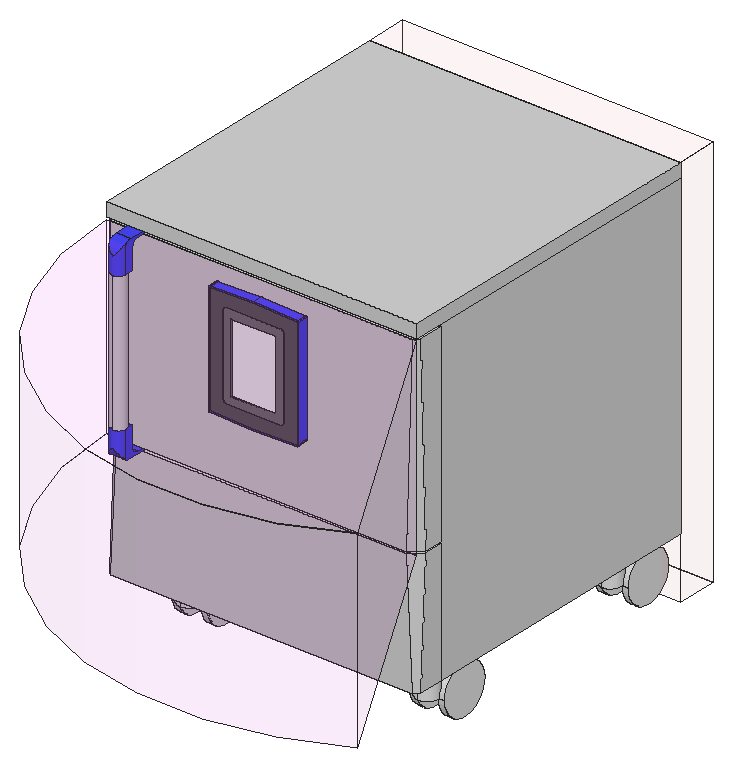
Revit family "Normann_PLUS_PLS5A-R290", category Attrezzature speciali, Revit 2021 (continued)
Definition of nested family "Griglia_Plus"
  Lines and regions (mm)
    model lines, detail levels medium+fine
      curve 331: line (120.936, -250.699, 0) -> (134.849, -258.731, 0)
      curve 332: line (120.936, -250.699, 0) -> (134.849, -242.666, 0)
      curve 333: line (134.849, -242.666, 0) -> (134.849, -258.731, 0)
      curve 334: line (152.781, -250.699, 0) -> (138.867, -258.731, 0)
      curve 335: line (152.781, -250.699, 0) -> (138.867, -242.666, 0)
      curve 336: line (138.867, -242.666, 0) -> (138.867, -258.731, 0)
      curve 337: line (154.797, -270.438, 0) -> (140.884, -262.405, 0)
      curve 338: line (154.797, -270.438, 0) -> (154.797, -254.373, 0)
      curve 339: line (154.797, -254.373, 0) -> (140.884, -262.405, 0)
      curve 340: line (118.953, -254.362, 0) -> (132.866, -262.395, 0)
      curve 341: line (118.953, -254.362, 0) -> (118.953, -270.428, 0)
      curve 342: line (118.953, -270.428, 0) -> (132.866, -262.395, 0)
      curve 343: line (120.936, -133.703, 0) -> (134.849, -125.67, 0)
      curve 344: line (120.936, -133.703, 0) -> (134.849, -141.736, 0)
      curve 345: line (134.849, -141.736, 0) -> (134.849, -125.67, 0)
      curve 346: line (152.781, -133.703, 0) -> (138.867, -125.67, 0)
      curve 347: line (152.781, -133.703, 0) -> (138.867, -141.736, 0)
      curve 348: line (138.867, -141.736, 0) -> (138.867, -125.67, 0)
      curve 349: line (120.936, -110.699, 0) -> (134.849, -118.731, 0)
      curve 350: line (120.936, -110.699, 0) -> (134.849, -102.666, 0)
      curve 351: line (134.849, -102.666, 0) -> (134.849, -118.731, 0)
      curve 352: line (152.781, -110.699, 0) -> (138.867, -118.731, 0)
      curve 353: line (152.781, -110.699, 0) -> (138.867, -102.666, 0)
      curve 354: line (138.867, -102.666, 0) -> (138.867, -118.731, 0)
      curve 355: line (154.797, -130.438, 0) -> (140.884, -122.405, 0)
      curve 356: line (154.797, -130.438, 0) -> (154.797, -114.373, 0)
      curve 357: line (154.797, -114.373, 0) -> (140.884, -122.405, 0)
      curve 358: line (118.953, -114.362, 0) -> (132.866, -122.395, 0)
      curve 359: line (118.953, -114.362, 0) -> (118.953, -130.428, 0)
      curve 360: line (118.953, -130.428, 0) -> (132.866, -122.395, 0)
      curve 361: line (154.797, -136.968, 0) -> (140.884, -145, 0)
      curve 362: line (154.797, -136.968, 0) -> (154.797, -153.033, 0)
      curve 363: line (154.797, -153.033, 0) -> (140.884, -145, 0)
      curve 364: line (118.953, -153.043, 0) -> (132.866, -145.011, 0)
      curve 365: line (118.953, -153.043, 0) -> (118.953, -136.978, 0)
      curve 366: line (118.953, -136.978, 0) -> (132.866, -145.011, 0)
      curve 367: line (120.936, -89.941, 0) -> (134.849, -81.909, 0)
      curve 368: line (120.936, -89.941, 0) -> (134.849, -97.974, 0)
      curve 369: line (134.849, -97.974, 0) -> (134.849, -81.909, 0)
      curve 370: line (152.781, -89.941, 0) -> (138.867, -81.909, 0)
      curve 371: line (152.781, -89.941, 0) -> (138.867, -97.974, 0)
      curve 372: line (138.867, -97.974, 0) -> (138.867, -81.909, 0)
      curve 373: line (120.936, -66.937, 0) -> (134.849, -74.97, 0)
      curve 374: line (120.936, -66.937, 0) -> (134.849, -58.904, 0)
      curve 375: line (134.849, -58.904, 0) -> (134.849, -74.97, 0)
      curve 376: line (152.781, -66.937, 0) -> (138.867, -74.97, 0)
      curve 377: line (152.781, -66.937, 0) -> (138.867, -58.904, 0)
      curve 378: line (138.867, -58.904, 0) -> (138.867, -74.97, 0)
      curve 379: line (154.797, -86.677, 0) -> (140.884, -78.644, 0)
      curve 380: line (154.797, -86.677, 0) -> (154.797, -70.611, 0)
      curve 381: line (154.797, -70.611, 0) -> (140.884, -78.644, 0)
      curve 382: line (118.953, -70.601, 0) -> (132.866, -78.633, 0)
      curve 383: line (118.953, -70.601, 0) -> (118.953, -86.666, 0)
      curve 384: line (118.953, -86.666, 0) -> (132.866, -78.633, 0)
      curve 385: line (154.797, -93.206, 0) -> (140.884, -101.239, 0)
      curve 386: line (154.797, -93.206, 0) -> (154.797, -109.272, 0)
      curve 387: line (154.797, -109.272, 0) -> (140.884, -101.239, 0)
      curve 388: line (118.953, -109.282, 0) -> (132.866, -101.249, 0)
      curve 389: line (118.953, -109.282, 0) -> (118.953, -93.217, 0)
      curve 390: line (118.953, -93.217, 0) -> (132.866, -101.249, 0)
      curve 391: line (120.936, -43.691, 0) -> (134.849, -35.659, 0)
      curve 392: line (120.936, -43.691, 0) -> (134.849, -51.724, 0)
      curve 393: line (134.849, -51.724, 0) -> (134.849, -35.659, 0)
      curve 394: line (152.781, -43.691, 0) -> (138.867, -35.659, 0)
      curve 395: line (152.781, -43.691, 0) -> (138.867, -51.724, 0)
      curve 396: line (138.867, -51.724, 0) -> (138.867, -35.659, 0)
      curve 397: line (120.936, -20.687, 0) -> (134.849, -28.72, 0)
      curve 398: line (120.936, -20.687, 0) -> (134.849, -12.654, 0)
      curve 399: line (134.849, -12.654, 0) -> (134.849, -28.72, 0)
      curve 400: line (152.781, -20.687, 0) -> (138.867, -28.72, 0)
      curve 401: line (152.781, -20.687, 0) -> (138.867, -12.654, 0)
      curve 402: line (138.867, -12.654, 0) -> (138.867, -28.72, 0)
      curve 403: line (154.797, -40.427, 0) -> (140.884, -32.394, 0)
      curve 404: line (154.797, -40.427, 0) -> (154.797, -24.361, 0)
      curve 405: line (154.797, -24.361, 0) -> (140.884, -32.394, 0)
      curve 406: line (118.953, -24.351, 0) -> (132.866, -32.383, 0)
      curve 407: line (118.953, -24.351, 0) -> (118.953, -40.416, 0)
      curve 408: line (118.953, -40.416, 0) -> (132.866, -32.383, 0)
      curve 409: line (154.797, -46.956, 0) -> (140.884, -54.989, 0)
      curve 410: line (154.797, -46.956, 0) -> (154.797, -63.022, 0)
      curve 411: line (154.797, -63.022, 0) -> (140.884, -54.989, 0)
      curve 412: line (118.953, -63.032, 0) -> (132.866, -54.999, 0)
      curve 413: line (118.953, -63.032, 0) -> (118.953, -46.967, 0)
      curve 414: line (118.953, -46.967, 0) -> (132.866, -54.999, 0)
      curve 415: line (160.936, -180.917, 0) -> (174.849, -172.885, 0)
      curve 416: line (160.936, -180.917, 0) -> (174.849, -188.95, 0)
      curve 417: line (174.849, -188.95, 0) -> (174.849, -172.885, 0)
      curve 418: line (192.781, -180.917, 0) -> (178.867, -172.885, 0)
      curve 419: line (192.781, -180.917, 0) -> (178.867, -188.95, 0)
      curve 420: line (178.867, -188.95, 0) -> (178.867, -172.885, 0)
      curve 421: line (160.936, -157.913, 0) -> (174.849, -165.946, 0)
      curve 422: line (160.936, -157.913, 0) -> (174.849, -149.88, 0)
      curve 423: line (174.849, -149.88, 0) -> (174.849, -165.946, 0)
      curve 424: line (192.781, -157.913, 0) -> (178.867, -165.946, 0)
      curve 425: line (192.781, -157.913, 0) -> (178.867, -149.88, 0)
      curve 426: line (178.867, -149.88, 0) -> (178.867, -165.946, 0)
      curve 427: line (194.797, -177.653, 0) -> (180.884, -169.62, 0)
      curve 428: line (194.797, -177.653, 0) -> (194.797, -161.587, 0)
      curve 429: line (194.797, -161.587, 0) -> (180.884, -169.62, 0)
      curve 430: line (158.953, -161.577, 0) -> (172.866, -169.609, 0)
      curve 431: line (158.953, -161.577, 0) -> (158.953, -177.642, 0)
      curve 432: line (158.953, -177.642, 0) -> (172.866, -169.609, 0)
      curve 433: line (194.797, -184.182, 0) -> (180.884, -192.215, 0)
      curve 434: line (194.797, -184.182, 0) -> (194.797, -200.248, 0)
      curve 435: line (194.797, -200.248, 0) -> (180.884, -192.215, 0)
      curve 436: line (158.953, -200.258, 0) -> (172.866, -192.225, 0)
      curve 437: line (158.953, -200.258, 0) -> (158.953, -184.192, 0)
      curve 438: line (158.953, -184.192, 0) -> (172.866, -192.225, 0)
      curve 439: line (160.936, -227.884, 0) -> (174.849, -219.851, 0)
      curve 440: line (160.936, -227.884, 0) -> (174.849, -235.917, 0)
      curve 441: line (174.849, -235.917, 0) -> (174.849, -219.851, 0)
      curve 442: line (192.781, -227.884, 0) -> (178.867, -219.851, 0)
      curve 443: line (192.781, -227.884, 0) -> (178.867, -235.917, 0)
      curve 444: line (178.867, -235.917, 0) -> (178.867, -219.851, 0)
      curve 445: line (160.936, -204.88, 0) -> (174.849, -212.912, 0)
      curve 446: line (160.936, -204.88, 0) -> (174.849, -196.847, 0)
      curve 447: line (174.849, -196.847, 0) -> (174.849, -212.912, 0)
      curve 448: line (192.781, -204.88, 0) -> (178.867, -212.912, 0)
      curve 449: line (192.781, -204.88, 0) -> (178.867, -196.847, 0)
      curve 450: line (178.867, -196.847, 0) -> (178.867, -212.912, 0)
      curve 451: line (194.797, -224.619, 0) -> (180.884, -216.587, 0)
      curve 452: line (194.797, -224.619, 0) -> (194.797, -208.554, 0)
      curve 453: line (194.797, -208.554, 0) -> (180.884, -216.587, 0)
      curve 454: line (158.953, -208.543, 0) -> (172.866, -216.576, 0)
      curve 455: line (158.953, -208.543, 0) -> (158.953, -224.609, 0)
      curve 456: line (158.953, -224.609, 0) -> (172.866, -216.576, 0)
      curve 457: line (194.797, -231.149, 0) -> (180.884, -239.181, 0)
      curve 458: line (194.797, -231.149, 0) -> (194.797, -247.214, 0)
      curve 459: line (194.797, -247.214, 0) -> (180.884, -239.181, 0)
      curve 460: line (158.953, -247.225, 0) -> (172.866, -239.192, 0)
      curve 461: line (158.953, -247.225, 0) -> (158.953, -231.159, 0)
      curve 462: line (158.953, -231.159, 0) -> (172.866, -239.192, 0)
      curve 463: line (160.936, -273.703, 0) -> (174.849, -265.67, 0)
      curve 464: line (160.936, -273.703, 0) -> (174.849, -281.736, 0)
      curve 465: line (174.849, -281.736, 0) -> (174.849, -265.67, 0)
      curve 466: line (192.781, -273.703, 0) -> (178.867, -265.67, 0)
      curve 467: line (192.781, -273.703, 0) -> (178.867, -281.736, 0)
      curve 468: line (178.867, -281.736, 0) -> (178.867, -265.67, 0)
      curve 469: line (160.936, -250.699, 0) -> (174.849, -258.731, 0)
      curve 470: line (160.936, -250.699, 0) -> (174.849, -242.666, 0)
      curve 471: line (174.849, -242.666, 0) -> (174.849, -258.731, 0)
      curve 472: line (192.781, -250.699, 0) -> (178.867, -258.731, 0)
      curve 473: line (192.781, -250.699, 0) -> (178.867, -242.666, 0)
      curve 474: line (178.867, -242.666, 0) -> (178.867, -258.731, 0)
      curve 475: line (194.797, -270.438, 0) -> (180.884, -262.405, 0)
      curve 476: line (194.797, -270.438, 0) -> (194.797, -254.373, 0)
      curve 477: line (194.797, -254.373, 0) -> (180.884, -262.405, 0)
      curve 478: line (158.953, -254.362, 0) -> (172.866, -262.395, 0)
      curve 479: line (158.953, -254.362, 0) -> (158.953, -270.428, 0)
      curve 480: line (158.953, -270.428, 0) -> (172.866, -262.395, 0)
      curve 481: line (160.936, -133.703, 0) -> (174.849, -125.67, 0)
      curve 482: line (160.936, -133.703, 0) -> (174.849, -141.736, 0)
      curve 483: line (174.849, -141.736, 0) -> (174.849, -125.67, 0)
      curve 484: line (192.781, -133.703, 0) -> (178.867, -125.67, 0)
      curve 485: line (192.781, -133.703, 0) -> (178.867, -141.736, 0)
      curve 486: line (178.867, -141.736, 0) -> (178.867, -125.67, 0)
      curve 487: line (160.936, -110.699, 0) -> (174.849, -118.731, 0)
      curve 488: line (160.936, -110.699, 0) -> (174.849, -102.666, 0)
      curve 489: line (174.849, -102.666, 0) -> (174.849, -118.731, 0)
      curve 490: line (192.781, -110.699, 0) -> (178.867, -118.731, 0)
      curve 491: line (192.781, -110.699, 0) -> (178.867, -102.666, 0)
      curve 492: line (178.867, -102.666, 0) -> (178.867, -118.731, 0)
      curve 493: line (194.797, -130.438, 0) -> (180.884, -122.405, 0)
      curve 494: line (194.797, -130.438, 0) -> (194.797, -114.373, 0)
      curve 495: line (194.797, -114.373, 0) -> (180.884, -122.405, 0)
      curve 496: line (158.953, -114.362, 0) -> (172.866, -122.395, 0)
      curve 497: line (158.953, -114.362, 0) -> (158.953, -130.428, 0)
      curve 498: line (158.953, -130.428, 0) -> (172.866, -122.395, 0)
      curve 499: line (194.797, -136.968, 0) -> (180.884, -145, 0)
      curve 500: line (194.797, -136.968, 0) -> (194.797, -153.033, 0)
      curve 501: line (194.797, -153.033, 0) -> (180.884, -145, 0)
      curve 502: line (158.953, -153.043, 0) -> (172.866, -145.011, 0)
      curve 503: line (158.953, -153.043, 0) -> (158.953, -136.978, 0)
      curve 504: line (158.953, -136.978, 0) -> (172.866, -145.011, 0)
      curve 505: line (160.936, -89.941, 0) -> (174.849, -81.909, 0)
      curve 506: line (160.936, -89.941, 0) -> (174.849, -97.974, 0)
      curve 507: line (174.849, -97.974, 0) -> (174.849, -81.909, 0)
      curve 508: line (192.781, -89.941, 0) -> (178.867, -81.909, 0)
      curve 509: line (192.781, -89.941, 0) -> (178.867, -97.974, 0)
      curve 510: line (178.867, -97.974, 0) -> (178.867, -81.909, 0)
      curve 511: line (160.936, -66.937, 0) -> (174.849, -74.97, 0)
      curve 512: line (160.936, -66.937, 0) -> (174.849, -58.904, 0)
      curve 513: line (174.849, -58.904, 0) -> (174.849, -74.97, 0)
      curve 514: line (192.781, -66.937, 0) -> (178.867, -74.97, 0)
      curve 515: line (192.781, -66.937, 0) -> (178.867, -58.904, 0)
      curve 516: line (178.867, -58.904, 0) -> (178.867, -74.97, 0)
      curve 517: line (194.797, -86.677, 0) -> (180.884, -78.644, 0)
      curve 518: line (194.797, -86.677, 0) -> (194.797, -70.611, 0)
      curve 519: line (194.797, -70.611, 0) -> (180.884, -78.644, 0)
      curve 520: line (158.953, -70.601, 0) -> (172.866, -78.633, 0)
      curve 521: line (158.953, -70.601, 0) -> (158.953, -86.666, 0)
      curve 522: line (158.953, -86.666, 0) -> (172.866, -78.633, 0)
      curve 523: line (194.797, -93.206, 0) -> (180.884, -101.239, 0)
      curve 524: line (194.797, -93.206, 0) -> (194.797, -109.272, 0)
      curve 525: line (194.797, -109.272, 0) -> (180.884, -101.239, 0)
      curve 526: line (158.953, -109.282, 0) -> (172.866, -101.249, 0)
      curve 527: line (158.953, -109.282, 0) -> (158.953, -93.217, 0)
      curve 528: line (158.953, -93.217, 0) -> (172.866, -101.249, 0)
      curve 529: line (160.936, -43.691, 0) -> (174.849, -35.659, 0)
      curve 530: line (160.936, -43.691, 0) -> (174.849, -51.724, 0)
      curve 531: line (174.849, -51.724, 0) -> (174.849, -35.659, 0)
      curve 532: line (192.781, -43.691, 0) -> (178.867, -35.659, 0)
      curve 533: line (192.781, -43.691, 0) -> (178.867, -51.724, 0)
      curve 534: line (178.867, -51.724, 0) -> (178.867, -35.659, 0)
      curve 535: line (160.936, -20.687, 0) -> (174.849, -28.72, 0)
      curve 536: line (160.936, -20.687, 0) -> (174.849, -12.654, 0)
      curve 537: line (174.849, -12.654, 0) -> (174.849, -28.72, 0)
      curve 538: line (192.781, -20.687, 0) -> (178.867, -28.72, 0)
      curve 539: line (192.781, -20.687, 0) -> (178.867, -12.654, 0)
      curve 540: line (178.867, -12.654, 0) -> (178.867, -28.72, 0)
      curve 541: line (194.797, -40.427, 0) -> (180.884, -32.394, 0)
      curve 542: line (194.797, -40.427, 0) -> (194.797, -24.361, 0)
      curve 543: line (194.797, -24.361, 0) -> (180.884, -32.394, 0)
      curve 544: line (158.953, -24.351, 0) -> (172.866, -32.383, 0)
      curve 545: line (158.953, -24.351, 0) -> (158.953, -40.416, 0)
      curve 546: line (158.953, -40.416, 0) -> (172.866, -32.383, 0)
      curve 547: line (194.797, -46.956, 0) -> (180.884, -54.989, 0)
      curve 548: line (194.797, -46.956, 0) -> (194.797, -63.022, 0)
      curve 549: line (194.797, -63.022, 0) -> (180.884, -54.989, 0)
      curve 550: line (158.953, -63.032, 0) -> (172.866, -54.999, 0)
      curve 551: line (158.953, -63.032, 0) -> (158.953, -46.967, 0)
      curve 552: line (158.953, -46.967, 0) -> (172.866, -54.999, 0)
      curve 553: line (200.936, -180.917, 0) -> (214.849, -172.885, 0)
      curve 554: line (200.936, -180.917, 0) -> (214.849, -188.95, 0)
      curve 555: line (214.849, -188.95, 0) -> (214.849, -172.885, 0)
      curve 556: line (232.781, -180.917, 0) -> (218.867, -172.885, 0)
      curve 557: line (232.781, -180.917, 0) -> (218.867, -188.95, 0)
      curve 558: line (218.867, -188.95, 0) -> (218.867, -172.885, 0)
      curve 559: line (200.936, -157.913, 0) -> (214.849, -165.946, 0)
      curve 560: line (200.936, -157.913, 0) -> (214.849, -149.88, 0)
      curve 561: line (214.849, -149.88, 0) -> (214.849, -165.946, 0)
      curve 562: line (232.781, -157.913, 0) -> (218.867, -165.946, 0)
      curve 563: line (232.781, -157.913, 0) -> (218.867, -149.88, 0)
      curve 564: line (218.867, -149.88, 0) -> (218.867, -165.946, 0)
      curve 565: line (234.797, -177.653, 0) -> (220.884, -169.62, 0)
      curve 566: line (234.797, -177.653, 0) -> (234.797, -161.587, 0)
      curve 567: line (234.797, -161.587, 0) -> (220.884, -169.62, 0)
      curve 568: line (198.953, -161.577, 0) -> (212.866, -169.609, 0)
      curve 569: line (198.953, -161.577, 0) -> (198.953, -177.642, 0)
      curve 570: line (198.953, -177.642, 0) -> (212.866, -169.609, 0)
      curve 571: line (234.797, -184.182, 0) -> (220.884, -192.215, 0)
      curve 572: line (234.797, -184.182, 0) -> (234.797, -200.248, 0)
      curve 573: line (234.797, -200.248, 0) -> (220.884, -192.215, 0)
      curve 574: line (198.953, -200.258, 0) -> (212.866, -192.225, 0)
      curve 575: line (198.953, -200.258, 0) -> (198.953, -184.192, 0)
      curve 576: line (198.953, -184.192, 0) -> (212.866, -192.225, 0)
      curve 577: line (200.936, -227.884, 0) -> (214.849, -219.851, 0)
      curve 578: line (200.936, -227.884, 0) -> (214.849, -235.917, 0)
      curve 579: line (214.849, -235.917, 0) -> (214.849, -219.851, 0)
      curve 580: line (232.781, -227.884, 0) -> (218.867, -219.851, 0)
      curve 581: line (232.781, -227.884, 0) -> (218.867, -235.917, 0)
      curve 582: line (218.867, -235.917, 0) -> (218.867, -219.851, 0)
      curve 583: line (200.936, -204.88, 0) -> (214.849, -212.912, 0)
      curve 584: line (200.936, -204.88, 0) -> (214.849, -196.847, 0)
      curve 585: line (214.849, -196.847, 0) -> (214.849, -212.912, 0)
      curve 586: line (232.781, -204.88, 0) -> (218.867, -212.912, 0)
      curve 587: line (232.781, -204.88, 0) -> (218.867, -196.847, 0)
      curve 588: line (218.867, -196.847, 0) -> (218.867, -212.912, 0)
      curve 589: line (234.797, -224.619, 0) -> (220.884, -216.587, 0)
      curve 590: line (234.797, -224.619, 0) -> (234.797, -208.554, 0)
      curve 591: line (234.797, -208.554, 0) -> (220.884, -216.587, 0)
      curve 592: line (198.953, -208.543, 0) -> (212.866, -216.576, 0)
      curve 593: line (198.953, -208.543, 0) -> (198.953, -224.609, 0)
      curve 594: line (198.953, -224.609, 0) -> (212.866, -216.576, 0)
      curve 595: line (234.797, -231.149, 0) -> (220.884, -239.181, 0)
      curve 596: line (234.797, -231.149, 0) -> (234.797, -247.214, 0)
      curve 597: line (234.797, -247.214, 0) -> (220.884, -239.181, 0)
      curve 598: line (198.953, -247.225, 0) -> (212.866, -239.192, 0)
      curve 599: line (198.953, -247.225, 0) -> (198.953, -231.159, 0)
      curve 600: line (198.953, -231.159, 0) -> (212.866, -239.192, 0)
      curve 601: line (200.936, -273.703, 0) -> (214.849, -265.67, 0)
      curve 602: line (200.936, -273.703, 0) -> (214.849, -281.736, 0)
      curve 603: line (214.849, -281.736, 0) -> (214.849, -265.67, 0)
      curve 604: line (232.781, -273.703, 0) -> (218.867, -265.67, 0)
      curve 605: line (232.781, -273.703, 0) -> (218.867, -281.736, 0)
      curve 606: line (218.867, -281.736, 0) -> (218.867, -265.67, 0)
      curve 607: line (200.936, -250.699, 0) -> (214.849, -258.731, 0)
      curve 608: line (200.936, -250.699, 0) -> (214.849, -242.666, 0)
      curve 609: line (214.849, -242.666, 0) -> (214.849, -258.731, 0)
      curve 610: line (232.781, -250.699, 0) -> (218.867, -258.731, 0)
      curve 611: line (232.781, -250.699, 0) -> (218.867, -242.666, 0)
      curve 612: line (218.867, -242.666, 0) -> (218.867, -258.731, 0)
      curve 613: line (234.797, -270.438, 0) -> (220.884, -262.405, 0)
      curve 614: line (234.797, -270.438, 0) -> (234.797, -254.373, 0)
      curve 615: line (234.797, -254.373, 0) -> (220.884, -262.405, 0)
      curve 616: line (198.953, -254.362, 0) -> (212.866, -262.395, 0)
      curve 617: line (198.953, -254.362, 0) -> (198.953, -270.428, 0)
      curve 618: line (198.953, -270.428, 0) -> (212.866, -262.395, 0)
      curve 619: line (200.936, -133.703, 0) -> (214.849, -125.67, 0)
      curve 620: line (200.936, -133.703, 0) -> (214.849, -141.736, 0)
      curve 621: line (214.849, -141.736, 0) -> (214.849, -125.67, 0)
      curve 622: line (232.781, -133.703, 0) -> (218.867, -125.67, 0)
      curve 623: line (232.781, -133.703, 0) -> (218.867, -141.736, 0)
      curve 624: line (218.867, -141.736, 0) -> (218.867, -125.67, 0)
      curve 625: line (200.936, -110.699, 0) -> (214.849, -118.731, 0)
      curve 626: line (200.936, -110.699, 0) -> (214.849, -102.666, 0)
      curve 627: line (214.849, -102.666, 0) -> (214.849, -118.731, 0)
      curve 628: line (232.781, -110.699, 0) -> (218.867, -118.731, 0)
      curve 629: line (232.781, -110.699, 0) -> (218.867, -102.666, 0)
      curve 630: line (218.867, -102.666, 0) -> (218.867, -118.731, 0)
      curve 631: line (234.797, -130.438, 0) -> (220.884, -122.405, 0)
      curve 632: line (234.797, -130.438, 0) -> (234.797, -114.373, 0)
      curve 633: line (234.797, -114.373, 0) -> (220.884, -122.405, 0)
      curve 634: line (198.953, -114.362, 0) -> (212.866, -122.395, 0)
      curve 635: line (198.953, -114.362, 0) -> (198.953, -130.428, 0)
      curve 636: line (198.953, -130.428, 0) -> (212.866, -122.395, 0)
      curve 637: line (234.797, -136.968, 0) -> (220.884, -145, 0)
      curve 638: line (234.797, -136.968, 0) -> (234.797, -153.033, 0)
      curve 639: line (234.797, -153.033, 0) -> (220.884, -145, 0)
      curve 640: line (198.953, -153.043, 0) -> (212.866, -145.011, 0)
      curve 641: line (198.953, -153.043, 0) -> (198.953, -136.978, 0)
      curve 642: line (198.953, -136.978, 0) -> (212.866, -145.011, 0)
      curve 643: line (200.936, -89.941, 0) -> (214.849, -81.909, 0)
      curve 644: line (200.936, -89.941, 0) -> (214.849, -97.974, 0)
      curve 645: line (214.849, -97.974, 0) -> (214.849, -81.909, 0)
      curve 646: line (232.781, -89.941, 0) -> (218.867, -81.909, 0)
      curve 647: line (232.781, -89.941, 0) -> (218.867, -97.974, 0)
      curve 648: line (218.867, -97.974, 0) -> (218.867, -81.909, 0)
      curve 649: line (200.936, -66.937, 0) -> (214.849, -74.97, 0)
      curve 650: line (200.936, -66.937, 0) -> (214.849, -58.904, 0)
      curve 651: line (214.849, -58.904, 0) -> (214.849, -74.97, 0)
      curve 652: line (232.781, -66.937, 0) -> (218.867, -74.97, 0)
      curve 653: line (232.781, -66.937, 0) -> (218.867, -58.904, 0)
      curve 654: line (218.867, -58.904, 0) -> (218.867, -74.97, 0)
      curve 655: line (234.797, -86.677, 0) -> (220.884, -78.644, 0)
      curve 656: line (234.797, -86.677, 0) -> (234.797, -70.611, 0)
      curve 657: line (234.797, -70.611, 0) -> (220.884, -78.644, 0)
      curve 658: line (198.953, -70.601, 0) -> (212.866, -78.633, 0)
      curve 659: line (198.953, -70.601, 0) -> (198.953, -86.666, 0)
      curve 660: line (198.953, -86.666, 0) -> (212.866, -78.633, 0)
      curve 661: line (234.797, -93.206, 0) -> (220.884, -101.239, 0)
      curve 662: line (234.797, -93.206, 0) -> (234.797, -109.272, 0)
      curve 663: line (234.797, -109.272, 0) -> (220.884, -101.239, 0)
      curve 664: line (198.953, -109.282, 0) -> (212.866, -101.249, 0)
      curve 665: line (198.953, -109.282, 0) -> (198.953, -93.217, 0)
      curve 666: line (198.953, -93.217, 0) -> (212.866, -101.249, 0)
      curve 667: line (200.936, -43.691, 0) -> (214.849, -35.659, 0)
      curve 668: line (200.936, -43.691, 0) -> (214.849, -51.724, 0)
      curve 669: line (214.849, -51.724, 0) -> (214.849, -35.659, 0)
      curve 670: line (232.781, -43.691, 0) -> (218.867, -35.659, 0)
      curve 671: line (232.781, -43.691, 0) -> (218.867, -51.724, 0)
      curve 672: line (218.867, -51.724, 0) -> (218.867, -35.659, 0)
      curve 673: line (200.936, -20.687, 0) -> (214.849, -28.72, 0)
      curve 674: line (200.936, -20.687, 0) -> (214.849, -12.654, 0)
      curve 675: line (214.849, -12.654, 0) -> (214.849, -28.72, 0)
      curve 676: line (232.781, -20.687, 0) -> (218.867, -28.72, 0)
      curve 677: line (232.781, -20.687, 0) -> (218.867, -12.654, 0)
      curve 678: line (218.867, -12.654, 0) -> (218.867, -28.72, 0)
      curve 679: line (234.797, -40.427, 0) -> (220.884, -32.394, 0)
      curve 680: line (234.797, -40.427, 0) -> (234.797, -24.361, 0)
      curve 681: line (234.797, -24.361, 0) -> (220.884, -32.394, 0)
      curve 682: line (198.953, -24.351, 0) -> (212.866, -32.383, 0)
      curve 683: line (198.953, -24.351, 0) -> (198.953, -40.416, 0)
      curve 684: line (198.953, -40.416, 0) -> (212.866, -32.383, 0)
      curve 685: line (234.797, -46.956, 0) -> (220.884, -54.989, 0)
      curve 686: line (234.797, -46.956, 0) -> (234.797, -63.022, 0)
      curve 687: line (234.797, -63.022, 0) -> (220.884, -54.989, 0)
      curve 688: line (198.953, -63.032, 0) -> (212.866, -54.999, 0)
      curve 689: line (198.953, -63.032, 0) -> (198.953, -46.967, 0)
      curve 690: line (198.953, -46.967, 0) -> (212.866, -54.999, 0)
      curve 691: line (240.936, -180.917, 0) -> (254.849, -172.885, 0)
      curve 692: line (240.936, -180.917, 0) -> (254.849, -188.95, 0)
      curve 693: line (254.849, -188.95, 0) -> (254.849, -172.885, 0)
      curve 694: line (272.781, -180.917, 0) -> (258.867, -172.885, 0)
      curve 695: line (272.781, -180.917, 0) -> (258.867, -188.95, 0)
      curve 696: line (258.867, -188.95, 0) -> (258.867, -172.885, 0)
      curve 697: line (240.936, -157.913, 0) -> (254.849, -165.946, 0)
      curve 698: line (240.936, -157.913, 0) -> (254.849, -149.88, 0)
      curve 699: line (254.849, -149.88, 0) -> (254.849, -165.946, 0)
      curve 700: line (272.781, -157.913, 0) -> (258.867, -165.946, 0)
      curve 701: line (272.781, -157.913, 0) -> (258.867, -149.88, 0)
      curve 702: line (258.867, -149.88, 0) -> (258.867, -165.946, 0)
      curve 703: line (274.797, -177.653, 0) -> (260.884, -169.62, 0)
      curve 704: line (274.797, -177.653, 0) -> (274.797, -161.587, 0)
      curve 705: line (274.797, -161.587, 0) -> (260.884, -169.62, 0)
      curve 706: line (238.953, -161.577, 0) -> (252.866, -169.609, 0)
      curve 707: line (238.953, -161.577, 0) -> (238.953, -177.642, 0)
      curve 708: line (238.953, -177.642, 0) -> (252.866, -169.609, 0)
      curve 709: line (274.797, -184.182, 0) -> (260.884, -192.215, 0)
      curve 710: line (274.797, -184.182, 0) -> (274.797, -200.248, 0)
      curve 711: line (274.797, -200.248, 0) -> (260.884, -192.215, 0)
      curve 712: line (238.953, -200.258, 0) -> (252.866, -192.225, 0)
      curve 713: line (238.953, -200.258, 0) -> (238.953, -184.192, 0)
      curve 714: line (238.953, -184.192, 0) -> (252.866, -192.225, 0)
      curve 715: line (240.936, -227.884, 0) -> (254.849, -219.851, 0)
      curve 716: line (240.936, -227.884, 0) -> (254.849, -235.917, 0)
      curve 717: line (254.849, -235.917, 0) -> (254.849, -219.851, 0)
      curve 718: line (272.781, -227.884, 0) -> (258.867, -219.851, 0)
      curve 719: line (272.781, -227.884, 0) -> (258.867, -235.917, 0)
      curve 720: line (258.867, -235.917, 0) -> (258.867, -219.851, 0)
      curve 721: line (240.936, -204.88, 0) -> (254.849, -212.912, 0)
      curve 722: line (240.936, -204.88, 0) -> (254.849, -196.847, 0)
      curve 723: line (254.849, -196.847, 0) -> (254.849, -212.912, 0)
      curve 724: line (272.781, -204.88, 0) -> (258.867, -212.912, 0)
      curve 725: line (272.781, -204.88, 0) -> (258.867, -196.847, 0)
      curve 726: line (258.867, -196.847, 0) -> (258.867, -212.912, 0)
      curve 727: line (274.797, -224.619, 0) -> (260.884, -216.587, 0)
      curve 728: line (274.797, -224.619, 0) -> (274.797, -208.554, 0)
      curve 729: line (274.797, -208.554, 0) -> (260.884, -216.587, 0)
      curve 730: line (238.953, -208.543, 0) -> (252.866, -216.576, 0)
      curve 731: line (238.953, -208.543, 0) -> (238.953, -224.609, 0)
      curve 732: line (238.953, -224.609, 0) -> (252.866, -216.576, 0)
      curve 733: line (274.797, -231.149, 0) -> (260.884, -239.181, 0)
      curve 734: line (274.797, -231.149, 0) -> (274.797, -247.214, 0)
      curve 735: line (274.797, -247.214, 0) -> (260.884, -239.181, 0)
      curve 736: line (238.953, -247.225, 0) -> (252.866, -239.192, 0)
      curve 737: line (238.953, -247.225, 0) -> (238.953, -231.159, 0)
      curve 738: line (238.953, -231.159, 0) -> (252.866, -239.192, 0)
      curve 739: line (240.936, -273.703, 0) -> (254.849, -265.67, 0)
      curve 740: line (240.936, -273.703, 0) -> (254.849, -281.736, 0)
      curve 741: line (254.849, -281.736, 0) -> (254.849, -265.67, 0)
      curve 742: line (272.781, -273.703, 0) -> (258.867, -265.67, 0)
      curve 743: line (272.781, -273.703, 0) -> (258.867, -281.736, 0)
      curve 744: line (258.867, -281.736, 0) -> (258.867, -265.67, 0)
      curve 745: line (240.936, -250.699, 0) -> (254.849, -258.731, 0)
      curve 746: line (240.936, -250.699, 0) -> (254.849, -242.666, 0)
      curve 747: line (254.849, -242.666, 0) -> (254.849, -258.731, 0)
      curve 748: line (272.781, -250.699, 0) -> (258.867, -258.731, 0)
      curve 749: line (272.781, -250.699, 0) -> (258.867, -242.666, 0)
      curve 750: line (258.867, -242.666, 0) -> (258.867, -258.731, 0)
      curve 751: line (274.797, -270.438, 0) -> (260.884, -262.405, 0)
      curve 752: line (274.797, -270.438, 0) -> (274.797, -254.373, 0)
      curve 753: line (274.797, -254.373, 0) -> (260.884, -262.405, 0)
      curve 754: line (238.953, -254.362, 0) -> (252.866, -262.395, 0)
      curve 755: line (238.953, -254.362, 0) -> (238.953, -270.428, 0)
      curve 756: line (238.953, -270.428, 0) -> (252.866, -262.395, 0)
      curve 757: line (240.936, -133.703, 0) -> (254.849, -125.67, 0)
      curve 758: line (240.936, -133.703, 0) -> (254.849, -141.736, 0)
      curve 759: line (254.849, -141.736, 0) -> (254.849, -125.67, 0)
      curve 760: line (272.781, -133.703, 0) -> (258.867, -125.67, 0)
      curve 761: line (272.781, -133.703, 0) -> (258.867, -141.736, 0)
      curve 762: line (258.867, -141.736, 0) -> (258.867, -125.67, 0)
      curve 763: line (240.936, -110.699, 0) -> (254.849, -118.731, 0)
      curve 764: line (240.936, -110.699, 0) -> (254.849, -102.666, 0)
      curve 765: line (254.849, -102.666, 0) -> (254.849, -118.731, 0)
      curve 766: line (272.781, -110.699, 0) -> (258.867, -118.731, 0)
      curve 767: line (272.781, -110.699, 0) -> (258.867, -102.666, 0)
      curve 768: line (258.867, -102.666, 0) -> (258.867, -118.731, 0)
      curve 769: line (274.797, -130.438, 0) -> (260.884, -122.405, 0)
      curve 770: line (274.797, -130.438, 0) -> (274.797, -114.373, 0)
      curve 771: line (274.797, -114.373, 0) -> (260.884, -122.405, 0)
      curve 772: line (238.953, -114.362, 0) -> (252.866, -122.395, 0)
      curve 773: line (238.953, -114.362, 0) -> (238.953, -130.428, 0)
      curve 774: line (238.953, -130.428, 0) -> (252.866, -122.395, 0)
      curve 775: line (274.797, -136.968, 0) -> (260.884, -145, 0)
      curve 776: line (274.797, -136.968, 0) -> (274.797, -153.033, 0)
      curve 777: line (274.797, -153.033, 0) -> (260.884, -145, 0)
      curve 778: line (238.953, -153.043, 0) -> (252.866, -145.011, 0)
      curve 779: line (238.953, -153.043, 0) -> (238.953, -136.978, 0)
      curve 780: line (238.953, -136.978, 0) -> (252.866, -145.011, 0)
      curve 781: line (240.936, -89.941, 0) -> (254.849, -81.909, 0)
      curve 782: line (240.936, -89.941, 0) -> (254.849, -97.974, 0)
      curve 783: line (254.849, -97.974, 0) -> (254.849, -81.909, 0)
      curve 784: line (272.781, -89.941, 0) -> (258.867, -81.909, 0)
      curve 785: line (272.781, -89.941, 0) -> (258.867, -97.974, 0)
      curve 786: line (258.867, -97.974, 0) -> (258.867, -81.909, 0)
      curve 787: line (240.936, -66.937, 0) -> (254.849, -74.97, 0)
      curve 788: line (240.936, -66.937, 0) -> (254.849, -58.904, 0)
      curve 789: line (254.849, -58.904, 0) -> (254.849, -74.97, 0)
      curve 790: line (272.781, -66.937, 0) -> (258.867, -74.97, 0)
      curve 791: line (272.781, -66.937, 0) -> (258.867, -58.904, 0)
      curve 792: line (258.867, -58.904, 0) -> (258.867, -74.97, 0)
      curve 793: line (274.797, -86.677, 0) -> (260.884, -78.644, 0)
      curve 794: line (274.797, -86.677, 0) -> (274.797, -70.611, 0)
      curve 795: line (274.797, -70.611, 0) -> (260.884, -78.644, 0)
      curve 796: line (238.953, -70.601, 0) -> (252.866, -78.633, 0)
      curve 797: line (238.953, -70.601, 0) -> (238.953, -86.666, 0)
      curve 798: line (238.953, -86.666, 0) -> (252.866, -78.633, 0)
      curve 799: line (274.797, -93.206, 0) -> (260.884, -101.239, 0)
      curve 800: line (274.797, -93.206, 0) -> (274.797, -109.272, 0)
      curve 801: line (274.797, -109.272, 0) -> (260.884, -101.239, 0)
      curve 802: line (238.953, -109.282, 0) -> (252.866, -101.249, 0)
      curve 803: line (238.953, -109.282, 0) -> (238.953, -93.217, 0)
      curve 804: line (238.953, -93.217, 0) -> (252.866, -101.249, 0)
      curve 805: line (240.936, -43.691, 0) -> (254.849, -35.659, 0)
      curve 806: line (240.936, -43.691, 0) -> (254.849, -51.724, 0)
      curve 807: line (254.849, -51.724, 0) -> (254.849, -35.659, 0)
      curve 808: line (272.781, -43.691, 0) -> (258.867, -35.659, 0)
      curve 809: line (272.781, -43.691, 0) -> (258.867, -51.724, 0)
      curve 810: line (258.867, -51.724, 0) -> (258.867, -35.659, 0)
      curve 811: line (240.936, -20.687, 0) -> (254.849, -28.72, 0)
      curve 812: line (240.936, -20.687, 0) -> (254.849, -12.654, 0)
      curve 813: line (254.849, -12.654, 0) -> (254.849, -28.72, 0)
      curve 814: line (272.781, -20.687, 0) -> (258.867, -28.72, 0)
      curve 815: line (272.781, -20.687, 0) -> (258.867, -12.654, 0)
      curve 816: line (258.867, -12.654, 0) -> (258.867, -28.72, 0)
      curve 817: line (274.797, -40.427, 0) -> (260.884, -32.394, 0)
      curve 818: line (274.797, -40.427, 0) -> (274.797, -24.361, 0)
      curve 819: line (274.797, -24.361, 0) -> (260.884, -32.394, 0)
      curve 820: line (238.953, -24.351, 0) -> (252.866, -32.383, 0)
      curve 821: line (238.953, -24.351, 0) -> (238.953, -40.416, 0)
      curve 822: line (238.953, -40.416, 0) -> (252.866, -32.383, 0)
      curve 823: line (274.797, -46.956, 0) -> (260.884, -54.989, 0)
      curve 824: line (274.797, -46.956, 0) -> (274.797, -63.022, 0)
      curve 825: line (274.797, -63.022, 0) -> (260.884, -54.989, 0)
      curve 826: line (238.953, -63.032, 0) -> (252.866, -54.999, 0)
      curve 827: line (238.953, -63.032, 0) -> (238.953, -46.967, 0)
      curve 828: line (238.953, -46.967, 0) -> (252.866, -54.999, 0)
      curve 829: line (280.936, -180.917, 0) -> (294.849, -172.885, 0)
      curve 830: line (280.936, -180.917, 0) -> (294.849, -188.95, 0)
      curve 831: line (294.849, -188.95, 0) -> (294.849, -172.885, 0)
      curve 832: line (312.781, -180.917, 0) -> (298.867, -172.885, 0)
      curve 833: line (312.781, -180.917, 0) -> (298.867, -188.95, 0)
      curve 834: line (298.867, -188.95, 0) -> (298.867, -172.885, 0)
      curve 835: line (280.936, -157.913, 0) -> (294.849, -165.946, 0)
      curve 836: line (280.936, -157.913, 0) -> (294.849, -149.88, 0)
      curve 837: line (294.849, -149.88, 0) -> (294.849, -165.946, 0)
      curve 838: line (312.781, -157.913, 0) -> (298.867, -165.946, 0)
      curve 839: line (312.781, -157.913, 0) -> (298.867, -149.88, 0)
      curve 840: line (298.867, -149.88, 0) -> (298.867, -165.946, 0)
      curve 841: line (314.797, -177.653, 0) -> (300.884, -169.62, 0)
      curve 842: line (314.797, -177.653, 0) -> (314.797, -161.587, 0)
      curve 843: line (314.797, -161.587, 0) -> (300.884, -169.62, 0)
      curve 844: line (278.953, -161.577, 0) -> (292.866, -169.609, 0)
      curve 845: line (278.953, -161.577, 0) -> (278.953, -177.642, 0)
      curve 846: line (278.953, -177.642, 0) -> (292.866, -169.609, 0)
      curve 847: line (314.797, -184.182, 0) -> (300.884, -192.215, 0)
      curve 848: line (314.797, -184.182, 0) -> (314.797, -200.248, 0)
      curve 849: line (314.797, -200.248, 0) -> (300.884, -192.215, 0)
      curve 850: line (278.953, -200.258, 0) -> (292.866, -192.225, 0)
      curve 851: line (278.953, -200.258, 0) -> (278.953, -184.192, 0)
      curve 852: line (278.953, -184.192, 0) -> (292.866, -192.225, 0)
      curve 853: line (280.936, -227.884, 0) -> (294.849, -219.851, 0)
      curve 854: line (280.936, -227.884, 0) -> (294.849, -235.917, 0)
      curve 855: line (294.849, -235.917, 0) -> (294.849, -219.851, 0)
      curve 856: line (312.781, -227.884, 0) -> (298.867, -219.851, 0)
      curve 857: line (312.781, -227.884, 0) -> (298.867, -235.917, 0)
      curve 858: line (298.867, -235.917, 0) -> (298.867, -219.851, 0)
      curve 859: line (280.936, -204.88, 0) -> (294.849, -212.912, 0)
      curve 860: line (280.936, -204.88, 0) -> (294.849, -196.847, 0)
      curve 861: line (294.849, -196.847, 0) -> (294.849, -212.912, 0)
      curve 862: line (312.781, -204.88, 0) -> (298.867, -212.912, 0)
      curve 863: line (312.781, -204.88, 0) -> (298.867, -196.847, 0)
      curve 864: line (298.867, -196.847, 0) -> (298.867, -212.912, 0)
      curve 865: line (314.797, -224.619, 0) -> (300.884, -216.587, 0)
      curve 866: line (314.797, -224.619, 0) -> (314.797, -208.554, 0)
      curve 867: line (314.797, -208.554, 0) -> (300.884, -216.587, 0)
      curve 868: line (278.953, -208.543, 0) -> (292.866, -216.576, 0)
      curve 869: line (278.953, -208.543, 0) -> (278.953, -224.609, 0)
      curve 870: line (278.953, -224.609, 0) -> (292.866, -216.576, 0)
      curve 871: line (314.797, -231.149, 0) -> (300.884, -239.181, 0)
      curve 872: line (314.797, -231.149, 0) -> (314.797, -247.214, 0)
      curve 873: line (314.797, -247.214, 0) -> (300.884, -239.181, 0)
      curve 874: line (278.953, -247.225, 0) -> (292.866, -239.192, 0)
      curve 875: line (278.953, -247.225, 0) -> (278.953, -231.159, 0)
      curve 876: line (278.953, -231.159, 0) -> (292.866, -239.192, 0)
      curve 877: line (280.936, -273.703, 0) -> (294.849, -265.67, 0)
      curve 878: line (280.936, -273.703, 0) -> (294.849, -281.736, 0)
      curve 879: line (294.849, -281.736, 0) -> (294.849, -265.67, 0)
      curve 880: line (312.781, -273.703, 0) -> (298.867, -265.67, 0)
      curve 881: line (312.781, -273.703, 0) -> (298.867, -281.736, 0)
      curve 882: line (298.867, -281.736, 0) -> (298.867, -265.67, 0)
      curve 883: line (280.936, -250.699, 0) -> (294.849, -258.731, 0)
      curve 884: line (280.936, -250.699, 0) -> (294.849, -242.666, 0)
      curve 885: line (294.849, -242.666, 0) -> (294.849, -258.731, 0)
      curve 886: line (312.781, -250.699, 0) -> (298.867, -258.731, 0)
      curve 887: line (312.781, -250.699, 0) -> (298.867, -242.666, 0)
      curve 888: line (298.867, -242.666, 0) -> (298.867, -258.731, 0)
      curve 889: line (314.797, -270.438, 0) -> (300.884, -262.405, 0)
      curve 890: line (314.797, -270.438, 0) -> (314.797, -254.373, 0)
      curve 891: line (314.797, -254.373, 0) -> (300.884, -262.405, 0)
      curve 892: line (278.953, -254.362, 0) -> (292.866, -262.395, 0)
      curve 893: line (278.953, -254.362, 0) -> (278.953, -270.428, 0)
      curve 894: line (278.953, -270.428, 0) -> (292.866, -262.395, 0)
      curve 895: line (280.936, -133.703, 0) -> (294.849, -125.67, 0)
      curve 896: line (280.936, -133.703, 0) -> (294.849, -141.736, 0)
      curve 897: line (294.849, -141.736, 0) -> (294.849, -125.67, 0)
      curve 898: line (312.781, -133.703, 0) -> (298.867, -125.67, 0)
      curve 899: line (312.781, -133.703, 0) -> (298.867, -141.736, 0)
      curve 900: line (298.867, -141.736, 0) -> (298.867, -125.67, 0)
      curve 901: line (280.936, -110.699, 0) -> (294.849, -118.731, 0)
      curve 902: line (280.936, -110.699, 0) -> (294.849, -102.666, 0)
      curve 903: line (294.849, -102.666, 0) -> (294.849, -118.731, 0)
      curve 904: line (312.781, -110.699, 0) -> (298.867, -118.731, 0)
      curve 905: line (312.781, -110.699, 0) -> (298.867, -102.666, 0)
      curve 906: line (298.867, -102.666, 0) -> (298.867, -118.731, 0)
      curve 907: line (314.797, -130.438, 0) -> (300.884, -122.405, 0)
      curve 908: line (314.797, -130.438, 0) -> (314.797, -114.373, 0)
      curve 909: line (314.797, -114.373, 0) -> (300.884, -122.405, 0)
      curve 910: line (278.953, -114.362, 0) -> (292.866, -122.395, 0)
      curve 911: line (278.953, -114.362, 0) -> (278.953, -130.428, 0)
      curve 912: line (278.953, -130.428, 0) -> (292.866, -122.395, 0)
      curve 913: line (314.797, -136.968, 0) -> (300.884, -145, 0)
      curve 914: line (314.797, -136.968, 0) -> (314.797, -153.033, 0)
      curve 915: line (314.797, -153.033, 0) -> (300.884, -145, 0)
      curve 916: line (278.953, -153.043, 0) -> (292.866, -145.011, 0)
      curve 917: line (278.953, -153.043, 0) -> (278.953, -136.978, 0)
      curve 918: line (278.953, -136.978, 0) -> (292.866, -145.011, 0)
      curve 919: line (280.936, -89.941, 0) -> (294.849, -81.909, 0)
      curve 920: line (280.936, -89.941, 0) -> (294.849, -97.974, 0)
      curve 921: line (294.849, -97.974, 0) -> (294.849, -81.909, 0)
      curve 922: line (312.781, -89.941, 0) -> (298.867, -81.909, 0)
      curve 923: line (312.781, -89.941, 0) -> (298.867, -97.974, 0)
      curve 924: line (298.867, -97.974, 0) -> (298.867, -81.909, 0)
      curve 925: line (280.936, -66.937, 0) -> (294.849, -74.97, 0)
      curve 926: line (280.936, -66.937, 0) -> (294.849, -58.904, 0)
      curve 927: line (294.849, -58.904, 0) -> (294.849, -74.97, 0)
      curve 928: line (312.781, -66.937, 0) -> (298.867, -74.97, 0)
      curve 929: line (312.781, -66.937, 0) -> (298.867, -58.904, 0)
      curve 930: line (298.867, -58.904, 0) -> (298.867, -74.97, 0)
      curve 931: line (314.797, -86.677, 0) -> (300.884, -78.644, 0)
      curve 932: line (314.797, -86.677, 0) -> (314.797, -70.611, 0)
      curve 933: line (314.797, -70.611, 0) -> (300.884, -78.644, 0)
      curve 934: line (278.953, -70.601, 0) -> (292.866, -78.633, 0)
      curve 935: line (278.953, -70.601, 0) -> (278.953, -86.666, 0)
      curve 936: line (278.953, -86.666, 0) -> (292.866, -78.633, 0)
      curve 937: line (314.797, -93.206, 0) -> (300.884, -101.239, 0)
      curve 938: line (314.797, -93.206, 0) -> (314.797, -109.272, 0)
      curve 939: line (314.797, -109.272, 0) -> (300.884, -101.239, 0)
      curve 940: line (278.953, -109.282, 0) -> (292.866, -101.249, 0)
      curve 941: line (278.953, -109.282, 0) -> (278.953, -93.217, 0)
      curve 942: line (278.953, -93.217, 0) -> (292.866, -101.249, 0)
      curve 943: line (280.936, -43.691, 0) -> (294.849, -35.659, 0)
      curve 944: line (280.936, -43.691, 0) -> (294.849, -51.724, 0)
      curve 945: line (294.849, -51.724, 0) -> (294.849, -35.659, 0)
      curve 946: line (312.781, -43.691, 0) -> (298.867, -35.659, 0)
      curve 947: line (312.781, -43.691, 0) -> (298.867, -51.724, 0)
      curve 948: line (298.867, -51.724, 0) -> (298.867, -35.659, 0)
      curve 949: line (280.936, -20.687, 0) -> (294.849, -28.72, 0)
      curve 950: line (280.936, -20.687, 0) -> (294.849, -12.654, 0)
      curve 951: line (294.849, -12.654, 0) -> (294.849, -28.72, 0)
      curve 952: line (312.781, -20.687, 0) -> (298.867, -28.72, 0)
      curve 953: line (312.781, -20.687, 0) -> (298.867, -12.654, 0)
      curve 954: line (298.867, -12.654, 0) -> (298.867, -28.72, 0)
      curve 955: line (314.797, -40.427, 0) -> (300.884, -32.394, 0)
      curve 956: line (314.797, -40.427, 0) -> (314.797, -24.361, 0)
      curve 957: line (314.797, -24.361, 0) -> (300.884, -32.394, 0)
      curve 958: line (278.953, -24.351, 0) -> (292.866, -32.383, 0)
      curve 959: line (278.953, -24.351, 0) -> (278.953, -40.416, 0)
      curve 960: line (278.953, -40.416, 0) -> (292.866, -32.383, 0)
      curve 961: line (314.797, -46.956, 0) -> (300.884, -54.989, 0)
      curve 962: line (314.797, -46.956, 0) -> (314.797, -63.022, 0)
      curve 963: line (314.797, -63.022, 0) -> (300.884, -54.989, 0)
      curve 964: line (278.953, -63.032, 0) -> (292.866, -54.999, 0)
      curve 965: line (278.953, -63.032, 0) -> (278.953, -46.967, 0)
      curve 966: line (278.953, -46.967, 0) -> (292.866, -54.999, 0)
      curve 967: line (320.936, -180.917, 0) -> (334.849, -172.885, 0)
      curve 968: line (320.936, -180.917, 0) -> (334.849, -188.95, 0)
      curve 969: line (334.849, -188.95, 0) -> (334.849, -172.885, 0)
      curve 970: line (352.781, -180.917, 0) -> (338.867, -172.885, 0)
      curve 971: line (352.781, -180.917, 0) -> (338.867, -188.95, 0)
      curve 972: line (338.867, -188.95, 0) -> (338.867, -172.885, 0)
      curve 973: line (320.936, -157.913, 0) -> (334.849, -165.946, 0)
      curve 974: line (320.936, -157.913, 0) -> (334.849, -149.88, 0)
      curve 975: line (334.849, -149.88, 0) -> (334.849, -165.946, 0)
      curve 976: line (352.781, -157.913, 0) -> (338.867, -165.946, 0)
      curve 977: line (352.781, -157.913, 0) -> (338.867, -149.88, 0)
      curve 978: line (338.867, -149.88, 0) -> (338.867, -165.946, 0)
      curve 979: line (354.797, -177.653, 0) -> (340.884, -169.62, 0)
      curve 980: line (354.797, -177.653, 0) -> (354.797, -161.587, 0)
      curve 981: line (354.797, -161.587, 0) -> (340.884, -169.62, 0)
      curve 982: line (318.953, -161.577, 0) -> (332.866, -169.609, 0)
      curve 983: line (318.953, -161.577, 0) -> (318.953, -177.642, 0)
      curve 984: line (318.953, -177.642, 0) -> (332.866, -169.609, 0)
      curve 985: line (354.797, -184.182, 0) -> (340.884, -192.215, 0)
      curve 986: line (354.797, -184.182, 0) -> (354.797, -200.248, 0)
      curve 987: line (354.797, -200.248, 0) -> (340.884, -192.215, 0)
      curve 988: line (318.953, -200.258, 0) -> (332.866, -192.225, 0)
      curve 989: line (318.953, -200.258, 0) -> (318.953, -184.192, 0)
      curve 990: line (318.953, -184.192, 0) -> (332.866, -192.225, 0)
      curve 991: line (320.936, -227.884, 0) -> (334.849, -219.851, 0)
      curve 992: line (320.936, -227.884, 0) -> (334.849, -235.917, 0)
      curve 993: line (334.849, -235.917, 0) -> (334.849, -219.851, 0)
      curve 994: line (352.781, -227.884, 0) -> (338.867, -219.851, 0)
      curve 995: line (352.781, -227.884, 0) -> (338.867, -235.917, 0)
      curve 996: line (338.867, -235.917, 0) -> (338.867, -219.851, 0)
      curve 997: line (320.936, -204.88, 0) -> (334.849, -212.912, 0)
      curve 998: line (320.936, -204.88, 0) -> (334.849, -196.847, 0)
      curve 999: line (334.849, -196.847, 0) -> (334.849, -212.912, 0)
      curve 1000: line (352.781, -204.88, 0) -> (338.867, -212.912, 0)
      curve 1001: line (352.781, -204.88, 0) -> (338.867, -196.847, 0)
      curve 1002: line (338.867, -196.847, 0) -> (338.867, -212.912, 0)
      curve 1003: line (354.797, -224.619, 0) -> (340.884, -216.587, 0)
      curve 1004: line (354.797, -224.619, 0) -> (354.797, -208.554, 0)
      curve 1005: line (354.797, -208.554, 0) -> (340.884, -216.587, 0)
      curve 1006: line (318.953, -208.543, 0) -> (332.866, -216.576, 0)
      curve 1007: line (318.953, -208.543, 0) -> (318.953, -224.609, 0)
      curve 1008: line (318.953, -224.609, 0) -> (332.866, -216.576, 0)
      curve 1009: line (354.797, -231.149, 0) -> (340.884, -239.181, 0)
      curve 1010: line (354.797, -231.149, 0) -> (354.797, -247.214, 0)
      curve 1011: line (354.797, -247.214, 0) -> (340.884, -239.181, 0)
      curve 1012: line (318.953, -247.225, 0) -> (332.866, -239.192, 0)
      curve 1013: line (318.953, -247.225, 0) -> (318.953, -231.159, 0)
      curve 1014: line (318.953, -231.159, 0) -> (332.866, -239.192, 0)
      curve 1015: line (320.936, -273.703, 0) -> (334.849, -265.67, 0)
      curve 1016: line (320.936, -273.703, 0) -> (334.849, -281.736, 0)
      curve 1017: line (334.849, -281.736, 0) -> (334.849, -265.67, 0)
      curve 1018: line (352.781, -273.703, 0) -> (338.867, -265.67, 0)
      curve 1019: line (352.781, -273.703, 0) -> (338.867, -281.736, 0)
      curve 1020: line (338.867, -281.736, 0) -> (338.867, -265.67, 0)
      curve 1021: line (320.936, -250.699, 0) -> (334.849, -258.731, 0)
      curve 1022: line (320.936, -250.699, 0) -> (334.849, -242.666, 0)
      curve 1023: line (334.849, -242.666, 0) -> (334.849, -258.731, 0)
      curve 1024: line (352.781, -250.699, 0) -> (338.867, -258.731, 0)
      curve 1025: line (352.781, -250.699, 0) -> (338.867, -242.666, 0)
      curve 1026: line (338.867, -242.666, 0) -> (338.867, -258.731, 0)
      curve 1027: line (354.797, -270.438, 0) -> (340.884, -262.405, 0)
      curve 1028: line (354.797, -270.438, 0) -> (354.797, -254.373, 0)
      curve 1029: line (354.797, -254.373, 0) -> (340.884, -262.405, 0)
      curve 1030: line (318.953, -254.362, 0) -> (332.866, -262.395, 0)
      curve 1031: line (318.953, -254.362, 0) -> (318.953, -270.428, 0)
      curve 1032: line (318.953, -270.428, 0) -> (332.866, -262.395, 0)
      curve 1033: line (320.936, -133.703, 0) -> (334.849, -125.67, 0)
      curve 1034: line (320.936, -133.703, 0) -> (334.849, -141.736, 0)
      curve 1035: line (334.849, -141.736, 0) -> (334.849, -125.67, 0)
      curve 1036: line (352.781, -133.703, 0) -> (338.867, -125.67, 0)
      curve 1037: line (352.781, -133.703, 0) -> (338.867, -141.736, 0)
      curve 1038: line (338.867, -141.736, 0) -> (338.867, -125.67, 0)
      curve 1039: line (320.936, -110.699, 0) -> (334.849, -118.731, 0)
      curve 1040: line (320.936, -110.699, 0) -> (334.849, -102.666, 0)
      curve 1041: line (334.849, -102.666, 0) -> (334.849, -118.731, 0)
      curve 1042: line (352.781, -110.699, 0) -> (338.867, -118.731, 0)
      curve 1043: line (352.781, -110.699, 0) -> (338.867, -102.666, 0)
      curve 1044: line (338.867, -102.666, 0) -> (338.867, -118.731, 0)
      curve 1045: line (354.797, -130.438, 0) -> (340.884, -122.405, 0)
      curve 1046: line (354.797, -130.438, 0) -> (354.797, -114.373, 0)
      curve 1047: line (354.797, -114.373, 0) -> (340.884, -122.405, 0)
      curve 1048: line (318.953, -114.362, 0) -> (332.866, -122.395, 0)
      curve 1049: line (318.953, -114.362, 0) -> (318.953, -130.428, 0)
      curve 1050: line (318.953, -130.428, 0) -> (332.866, -122.395, 0)
      curve 1051: line (354.797, -136.968, 0) -> (340.884, -145, 0)
      curve 1052: line (354.797, -136.968, 0) -> (354.797, -153.033, 0)
      curve 1053: line (354.797, -153.033, 0) -> (340.884, -145, 0)
      curve 1054: line (318.953, -153.043, 0) -> (332.866, -145.011, 0)
      curve 1055: line (318.953, -153.043, 0) -> (318.953, -136.978, 0)
      curve 1056: line (318.953, -136.978, 0) -> (332.866, -145.011, 0)
      curve 1057: line (320.936, -89.941, 0) -> (334.849, -81.909, 0)
      curve 1058: line (320.936, -89.941, 0) -> (334.849, -97.974, 0)
      curve 1059: line (334.849, -97.974, 0) -> (334.849, -81.909, 0)
      curve 1060: line (352.781, -89.941, 0) -> (338.867, -81.909, 0)
      curve 1061: line (352.781, -89.941, 0) -> (338.867, -97.974, 0)
      curve 1062: line (338.867, -97.974, 0) -> (338.867, -81.909, 0)
      curve 1063: line (320.936, -66.937, 0) -> (334.849, -74.97, 0)
      curve 1064: line (320.936, -66.937, 0) -> (334.849, -58.904, 0)
      curve 1065: line (334.849, -58.904, 0) -> (334.849, -74.97, 0)
      curve 1066: line (352.781, -66.937, 0) -> (338.867, -74.97, 0)
      curve 1067: line (352.781, -66.937, 0) -> (338.867, -58.904, 0)
      curve 1068: line (338.867, -58.904, 0) -> (338.867, -74.97, 0)
      curve 1069: line (354.797, -86.677, 0) -> (340.884, -78.644, 0)
      curve 1070: line (354.797, -86.677, 0) -> (354.797, -70.611, 0)
      curve 1071: line (354.797, -70.611, 0) -> (340.884, -78.644, 0)
      curve 1072: line (318.953, -70.601, 0) -> (332.866, -78.633, 0)
      curve 1073: line (318.953, -70.601, 0) -> (318.953, -86.666, 0)
      curve 1074: line (318.953, -86.666, 0) -> (332.866, -78.633, 0)
      curve 1075: line (354.797, -93.206, 0) -> (340.884, -101.239, 0)
      curve 1076: line (354.797, -93.206, 0) -> (354.797, -109.272, 0)
      curve 1077: line (354.797, -109.272, 0) -> (340.884, -101.239, 0)
      curve 1078: line (318.953, -109.282, 0) -> (332.866, -101.249, 0)
      curve 1079: line (318.953, -109.282, 0) -> (318.953, -93.217, 0)
      curve 1080: line (318.953, -93.217, 0) -> (332.866, -101.249, 0)
      curve 1081: line (320.936, -43.691, 0) -> (334.849, -35.659, 0)
      curve 1082: line (320.936, -43.691, 0) -> (334.849, -51.724, 0)
      curve 1083: line (334.849, -51.724, 0) -> (334.849, -35.659, 0)
      curve 1084: line (352.781, -43.691, 0) -> (338.867, -35.659, 0)
      curve 1085: line (352.781, -43.691, 0) -> (338.867, -51.724, 0)
      curve 1086: line (338.867, -51.724, 0) -> (338.867, -35.659, 0)
      curve 1087: line (320.936, -20.687, 0) -> (334.849, -28.72, 0)
      curve 1088: line (320.936, -20.687, 0) -> (334.849, -12.654, 0)
      curve 1089: line (334.849, -12.654, 0) -> (334.849, -28.72, 0)
      curve 1090: line (352.781, -20.687, 0) -> (338.867, -28.72, 0)
      curve 1091: line (352.781, -20.687, 0) -> (338.867, -12.654, 0)
      curve 1092: line (338.867, -12.654, 0) -> (338.867, -28.72, 0)
      curve 1093: line (354.797, -40.427, 0) -> (340.884, -32.394, 0)
      curve 1094: line (354.797, -40.427, 0) -> (354.797, -24.361, 0)
      curve 1095: line (354.797, -24.361, 0) -> (340.884, -32.394, 0)
      curve 1096: line (318.953, -24.351, 0) -> (332.866, -32.383, 0)
      curve 1097: line (318.953, -24.351, 0) -> (318.953, -40.416, 0)
      curve 1098: line (318.953, -40.416, 0) -> (332.866, -32.383, 0)
      curve 1099: line (354.797, -46.956, 0) -> (340.884, -54.989, 0)
      curve 1100: line (354.797, -46.956, 0) -> (354.797, -63.022, 0)
      curve 1101: line (354.797, -63.022, 0) -> (340.884, -54.989, 0)
      curve 1102: line (318.953, -63.032, 0) -> (332.866, -54.999, 0)
      curve 1103: line (318.953, -63.032, 0) -> (318.953, -46.967, 0)
      curve 1104: line (318.953, -46.967, 0) -> (332.866, -54.999, 0)
      curve 1105: line (360.936, -180.917, 0) -> (374.849, -172.885, 0)
      curve 1106: line (360.936, -180.917, 0) -> (374.849, -188.95, 0)
      curve 1107: line (374.849, -188.95, 0) -> (374.849, -172.885, 0)
      curve 1108: line (392.781, -180.917, 0) -> (378.867, -172.885, 0)
      curve 1109: line (392.781, -180.917, 0) -> (378.867, -188.95, 0)
      curve 1110: line (378.867, -188.95, 0) -> (378.867, -172.885, 0)
      curve 1111: line (360.936, -157.913, 0) -> (374.849, -165.946, 0)
      curve 1112: line (360.936, -157.913, 0) -> (374.849, -149.88, 0)
      curve 1113: line (374.849, -149.88, 0) -> (374.849, -165.946, 0)
      curve 1114: line (392.781, -157.913, 0) -> (378.867, -165.946, 0)
      curve 1115: line (392.781, -157.913, 0) -> (378.867, -149.88, 0)
      curve 1116: line (378.867, -149.88, 0) -> (378.867, -165.946, 0)
      curve 1117: line (394.797, -177.653, 0) -> (380.884, -169.62, 0)
      curve 1118: line (394.797, -177.653, 0) -> (394.797, -161.587, 0)
      curve 1119: line (394.797, -161.587, 0) -> (380.884, -169.62, 0)
      curve 1120: line (358.953, -161.577, 0) -> (372.866, -169.609, 0)
      curve 1121: line (358.953, -161.577, 0) -> (358.953, -177.642, 0)
      curve 1122: line (358.953, -177.642, 0) -> (372.866, -169.609, 0)
      curve 1123: line (394.797, -184.182, 0) -> (380.884, -192.215, 0)
      curve 1124: line (394.797, -184.182, 0) -> (394.797, -200.248, 0)
      curve 1125: line (394.797, -200.248, 0) -> (380.884, -192.215, 0)
      curve 1126: line (358.953, -200.258, 0) -> (372.866, -192.225, 0)
      curve 1127: line (358.953, -200.258, 0) -> (358.953, -184.192, 0)
      curve 1128: line (358.953, -184.192, 0) -> (372.866, -192.225, 0)
      curve 1129: line (360.936, -227.884, 0) -> (374.849, -219.851, 0)
      curve 1130: line (360.936, -227.884, 0) -> (374.849, -235.917, 0)
      curve 1131: line (374.849, -235.917, 0) -> (374.849, -219.851, 0)
      curve 1132: line (392.781, -227.884, 0) -> (378.867, -219.851, 0)
      curve 1133: line (392.781, -227.884, 0) -> (378.867, -235.917, 0)
      curve 1134: line (378.867, -235.917, 0) -> (378.867, -219.851, 0)
      curve 1135: line (360.936, -204.88, 0) -> (374.849, -212.912, 0)
      curve 1136: line (360.936, -204.88, 0) -> (374.849, -196.847, 0)
      curve 1137: line (374.849, -196.847, 0) -> (374.849, -212.912, 0)
      curve 1138: line (392.781, -204.88, 0) -> (378.867, -212.912, 0)
      curve 1139: line (392.781, -204.88, 0) -> (378.867, -196.847, 0)
      curve 1140: line (378.867, -196.847, 0) -> (378.867, -212.912, 0)
      curve 1141: line (394.797, -224.619, 0) -> (380.884, -216.587, 0)
      curve 1142: line (394.797, -224.619, 0) -> (394.797, -208.554, 0)
      curve 1143: line (394.797, -208.554, 0) -> (380.884, -216.587, 0)
      curve 1144: line (358.953, -208.543, 0) -> (372.866, -216.576, 0)
      curve 1145: line (358.953, -208.543, 0) -> (358.953, -224.609, 0)
      curve 1146: line (358.953, -224.609, 0) -> (372.866, -216.576, 0)
      curve 1147: line (394.797, -231.149, 0) -> (380.884, -239.181, 0)
      curve 1148: line (394.797, -231.149, 0) -> (394.797, -247.214, 0)
      curve 1149: line (394.797, -247.214, 0) -> (380.884, -239.181, 0)
      curve 1150: line (358.953, -247.225, 0) -> (372.866, -239.192, 0)
      curve 1151: line (358.953, -247.225, 0) -> (358.953, -231.159, 0)
      curve 1152: line (358.953, -231.159, 0) -> (372.866, -239.192, 0)
      curve 1153: line (360.936, -273.703, 0) -> (374.849, -265.67, 0)
      curve 1154: line (360.936, -273.703, 0) -> (374.849, -281.736, 0)
      curve 1155: line (374.849, -281.736, 0) -> (374.849, -265.67, 0)
      curve 1156: line (392.781, -273.703, 0) -> (378.867, -265.67, 0)
      curve 1157: line (392.781, -273.703, 0) -> (378.867, -281.736, 0)
      curve 1158: line (378.867, -281.736, 0) -> (378.867, -265.67, 0)
      curve 1159: line (360.936, -250.699, 0) -> (374.849, -258.731, 0)
      curve 1160: line (360.936, -250.699, 0) -> (374.849, -242.666, 0)
      curve 1161: line (374.849, -242.666, 0) -> (374.849, -258.731, 0)
      curve 1162: line (392.781, -250.699, 0) -> (378.867, -258.731, 0)
      curve 1163: line (392.781, -250.699, 0) -> (378.867, -242.666, 0)
      curve 1164: line (378.867, -242.666, 0) -> (378.867, -258.731, 0)
      curve 1165: line (394.797, -270.438, 0) -> (380.884, -262.405, 0)
      curve 1166: line (394.797, -270.438, 0) -> (394.797, -254.373, 0)
      curve 1167: line (394.797, -254.373, 0) -> (380.884, -262.405, 0)
